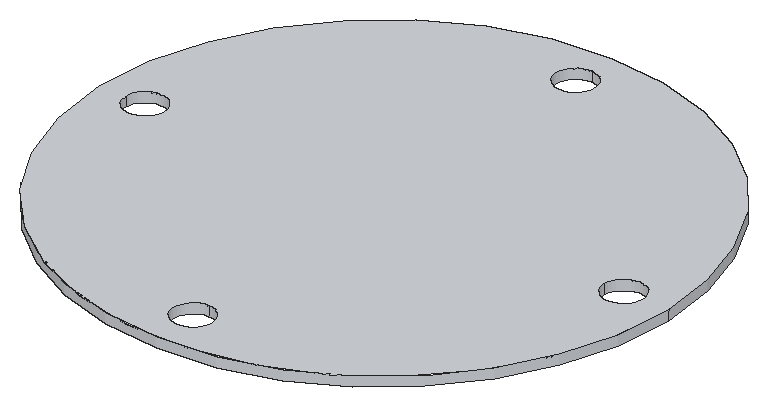
Revit family "BL3G", category Generic Models, Revit 2017
Family settings
  Can host rebar = No
  Round Connector Dimension = Use Diameter
  Part Type = Normal
  Work Plane-Based = Yes
  Always vertical = No
  Cut with Voids When Loaded = No
  Shared = No
  Room Calculation Point = No
Parameters (values of type "NBS Standard Parameters")
  Weight = "0.066Kg"
  WarrantyStartDate [instance] = "1900-12-31T23:59:59"
  WarrantyGuarantorParts = "n/a"
  WarrantyGuarantorLabor = "n/a"
  WarrantyDurationUnit = "12 months"
  WarrantyDurationParts = "n/a"
  WarrantyDurationLabor = "n/a"
  WarrantyDescription = "n/a"
  Version = "1"
  Uniclass2 = "Pr_65_70_11_20"
  TagNumber [instance] = "n/a"
  SustainabilityPerformance = "n/a"
  Size = "n/a"
  Shape = "Circular"
  SerialNumber [instance] = "n/a"
  Revision = "n/a"
  ReplacementCost = "n/a"
  ProductInformation = "www.metpro.co.uk/pdf/BL3G.pdf"
  NominalWidth = 87 mm
  NominalLength = 87 mm
  NominalHeight = 1.5 mm
  Name = ""
  NBSTypeID = ""
  NBSReference = "90-55-10/460"
  NBSOfficeMasterTag = ""
  NBSNote = ""
  NBSDescription = "Conduit Fittings"
  NBSCertification = ""
  ModelReference = "BL3G"
  ModelNumber = "n/a"
  Material = "Pressed Steel"
  ManufacturerURL = "www.metpro.co.uk"
  ManufacturerName = "Metpro Ltd"
  Keynote = "Compliant to LU Standard 1-085"
  InstallationDate [instance] = "1900-12-31T23:59:59"
  IfcExportType = ""
  IfcExportAs = ""
  Grade = "n/a"
  Finish = "Pre Galvanised"
  Features = "n/a"
  ExpectedLife = "n/a"
  DurationUnit = "year"
  Description = "BL3G Circular Box Lid - 4 Fixing Holes"
  Default Elevation = 1219.2 mm
  Constituents = "n/a"
  Color = "n/a"
  CodePerformance = "n/a"
  Category = "n/a"
  BarCode [instance] = "n/a"
  BIMObjectName = "Metpro_metprolibrary_Conduitfittings_metalcomponent_Steelaccessories"
  Author = "Metpro Ltd"
  AssetType = ""
  AssetIdentifier [instance] = "n/a"
  AccessibilityPerformance = "n/a"
Reference planes
  plane 1 "Center (Front/Back)": y = 0
  plane 2: z = 0
  plane 3 "Center (Left/Right)": x = 0
Forms (mm)
  Extrusion 1, solid
    sketch origin (193.095, 15.913, 44.251) x (-1, 0, 0) y (0, -1, 0)
      loop
        circle (210.356, 19.049) r 43.5
      loop
        circle (246.941, 19.049) r 3
      loop
        circle (210.356, 55.634) r 3
      loop
        circle (173.771, 19.049) r 3
      loop
        circle (210.356, -17.536) r 3
    from 0 to 1.5
Dimensions and locks
  aligned and locked: level to plane 2
